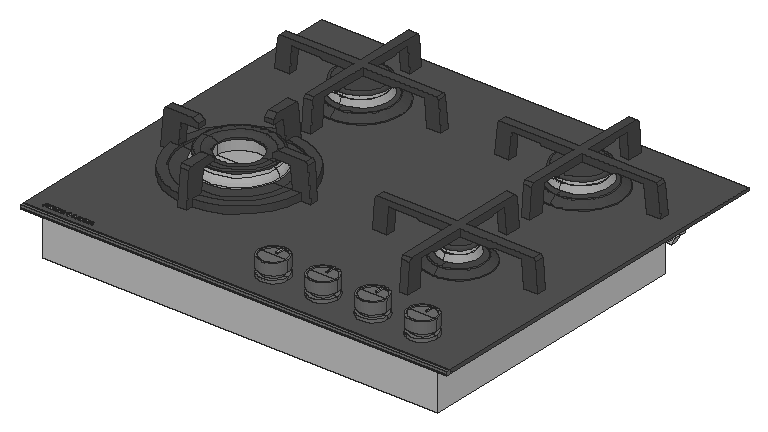
Revit family "FP_Revit_18_CG604DNGGB4_and_CG604DLPGB4_Cooktop_90000833A", category Specialty Equipment, Revit 2018
Family settings
  Round Connector Dimension = Use Diameter
  Part Type = Normal
  OmniClass Number = 23.40.40.14.17.11
  OmniClass Title = Cookers, Ovens, Stoves
  Work Plane-Based = No
  Always vertical = Yes
  Cut with Voids When Loaded = Yes
  Shared = No
  Room Calculation Point = No
Parameters (values of type "CG604DNGGB4")
  Visibility - Clearance Required = yes
  URL = "www.fisherpaykel.com"
  Product - Width = 600 mm  # constant formula
  Product - Height = 125 mm  # constant formula
  Product - Depth = 530 mm  # constant formula
  Model = "CG604DNGGB4"
  Material - Trim = Fisher & Paykel - Aluminium, Dark
  Material - Cooktop = Fisher & Paykel - Glass, Black
  Material - Burners & Trivets = Fisher & Paykel - Black, Matte
  Material - Body = Fisher & Paykel - Grey
  Manufacturer = "Fisher & Paykel Appliances"
  FFL Offset [instance] = 900 mm
  Description = "60cm Gas on Glass Cooktop"
  Connector Note - Gas = "NG 1 kPa (4\" WC), Connection is Rp 1/2\" (ISO7-1)"
  Connector Note - Electrical = "230 V, 10 A, fused electrical supply"
  Clearance - Side Combustible = 130 mm  # constant formula
  Clearance - Rear Non-Combustible = 45 mm  # constant formula
  Clearance - Rear Combustible = 160 mm  # constant formula
  Clearance - Overhead Rangehood = 650 mm  # constant formula
  Clearance - Overhead Non-Combustible = 500 mm  # constant formula
  Clearance - Overhead Combustible = 650 mm  # constant formula
  Clearance - Below Non-Combustible = 65 mm  # constant formula
  Clearance - Below Combustible = 70 mm  # constant formula
  Chassis - Width = 555 mm  # constant formula
  Chassis - Height = 59 mm  # constant formula
  Chassis - Depth = 486 mm  # constant formula
  Cavity - Width = 560 mm  # constant formula
  Cavity - Height = 59 mm  # constant formula
  Cavity - Depth = 490 mm  # constant formula
Types (3, lengths in mm): name | Model | Connector Note - Gas
  (no name) | "CG604DNGGB4" | "NG 1 kPa (4\" WC), Connection is Rp 1/2\" (ISO7-1)"
  CG604DNGGB4 | "CG604DNGGB4" | "NG 1 kPa (4\" WC), Connection is Rp 1/2\" (ISO7-1)"
  CG604DLPGB4 | "CG604DLPGB4" | "LPG 2.75 kPa (11\" WC), Connection is Rp 1/2\" (ISO7-1)"
Reference planes
  plane 1 "Datum": y = 0
  plane 2: z = 0
  plane 3 "Center (Left/Right)": x = 0
  plane 4 "Product LHS": x = -300
  plane 5 "Product RHS": x = 300
  plane 6 "Product - Depth": y = 530
  plane 7 "Cavity LHS": x = -280
  plane 8 "Cavity RHS": x = 280
  plane 9 "Cavity - Depth": y = 501.465
  plane 10 "Basepan": z = 841
  plane 11 "Benchtop": z = 900
  plane 12 "Glass": z = 905
Forms (mm)
  Extrusion 1, solid, material "Fisher & Paykel - Glass, Black" <- "Material - Cooktop"
    sketch origin (0, 0, 0) x (0, 1, 0) y (0, 0, 1)
      loop
        line (5.299, 905) -> (5.299, 901) -> (530, 901) -> (530, 905) -> (5.299, 905)
    from -300 to 300
  Extrusion 2, solid, material "Fisher & Paykel - Aluminium, Dark" <- "Material - Trim", detail levels fine
    sketch origin (0, 0, 0) x (0, 1, 0) y (0, 0, 1)
      loop
        line (5.299, 905) -> (0.45, 905) -> (0, 901.5) -> (0, 900) -> (8.39, 900) -> (8.39, 901) -> (5.299, 901) -> (5.299, 905)
    from -300 to 300
  Extrusion 3, solid, material "Fisher & Paykel - Grey" <- "Material - Body"
    sketch origin (0, 0, 0) x (1, 0, 0) y (0, 1, 0)
      loop
        line (175.305, 497.465) -> (175.305, 521) -> (-291, 521) -> (-291, 11.465) -> (291, 11.465) -> (291, 410.993) -> (276.681, 410.993) -> (175.305, 497.465)
    from 900 to 901
  Extrusion 4, solid, material "Fisher & Paykel - Grey" <- "Material - Body", detail levels fine
    sketch origin (0, 0, 0) x (1, 0, 0) y (0, 1, 0)
      loop
        line (277.5, 410.849) -> (175.305, 497.465) -> (-277.5, 497.465) -> (-277.5, 11.465) -> (277.5, 11.465) -> (277.5, 410.849)
    from 841 to 900
  Extrusion 5, solid, material "Fisher & Paykel - Clearance Required (Cutout)", visible <- "Visibility - Clearance Required", detail levels coarse
    sketch origin (0, 0, 0) x (1, 0, 0) y (0, 1, 0)
      loop
        line (-280, 11.465) -> (280, 11.465) -> (280, 501.465) -> (-280, 501.465) -> (-280, 11.465)
    from 835 to 900
  Extrusion 6, void
    sketch origin (0, 0, 0) x (0, 1, 0) y (0, 0, 1)
      loop
        line (497.465, 872.849) -> (404.424, 857.373) -> (407.148, 841) -> (497.465, 841) -> (497.465, 872.849)
    from -29 to 29
  Extrusion 7, solid, material "Fisher & Paykel - Grey" <- "Material - Body", detail levels fine
    sketch origin (0, 0, 900) x (0, 1, 0) y (0, 0, 1)
      loop
        line (480, -30.056) -> (425.258, -39.162) -> (428.13, -56.432) -> (463.493, -56.432) -> (483.825, -53.05) -> (480, -30.056)
    from -19.99 to 20.01
  Extrusion 8, solid, material "Fisher & Paykel - Grey" <- "Material - Body", detail levels fine
    sketch origin (0, 0, 900) x (1, 0, 0) y (0, 0, 1)
      loop
        circle (0, -41.49) r 4
    from -509.984 to -480
  Revolve 9, solid, material "Fisher & Paykel - Grey" <- "Material - Body", detail levels fine
    sketch origin (255.39, 0, 900) x (0, 1, 0) y (0, 0, 1)
      loop
        line (396.487, -23.673) -> (396.487, -31.4) -> (449.637, -31.4) -> (449.637, -25.4) -> (464.817, -25.4) -> (464.817, -22.673) -> (442.637, -22.673) -> (442.637, -23.673) -> (396.487, -23.673)
      axis (464.817, -31.4) -> (396.487, -31.4)
    angle from 0 to 360
  Extrusion 10, solid, material "Fisher & Paykel - Grey" <- "Material - Body", detail levels fine
    sketch origin (0, 0, 900) x (1, 0, 0) y (0, 0, 1)
      loop
        line (249.05, -20.401) -> (242.7, -31.4) -> (249.05, -42.399) -> (261.75, -42.399) -> (268.1, -31.4) -> (261.75, -20.401) -> (249.05, -20.401)
      loop
        circle (255.39, -31.4) r 7.727
    from -449.637 to -442.637
  Extrusion 11, solid, material "Fisher & Paykel - Aluminium, Dark" <- "Material - Trim", detail levels coarse+medium
    sketch origin (0, 0, 0) x (0, 1, 0) y (0, 0, 1)
      loop
        line (5.299, 905) -> (0, 905) -> (0, 900) -> (5.299, 900) -> (5.299, 905)
    from -300 to 300
  Extrusion 12, solid, material "Fisher & Paykel - Clearance Required (Combustible)", visible <- "Visibility - Clearance Required", detail levels coarse
    sketch origin (0, 0, 0) x (1, 0, 0) y (0, 1, 0)
      loop
        line (300, 0) -> (410, 0) -> (410, 661.465) -> (-410, 661.465) -> (-410, 0) -> (-300, 0) -> (-300, 546.465) -> (300, 546.465) -> (300, 0)
    from 905 to 1355
  Extrusion 13, solid, material "Fisher & Paykel - Clearance Required (Non-Combustible)", visible <- "Visibility - Clearance Required", detail levels coarse
    sketch origin (0, 0, 0) x (1, 0, 0) y (0, 1, 0)
      loop
        line (-300, 0) -> (300, 0) -> (300, 546.465) -> (-300, 546.465) -> (-300, 0)
    from 905 to 1405
  Extrusion 14, solid, material "Fisher & Paykel - Clearance Required (Rangehood)", visible <- "Visibility - Clearance Required", detail levels coarse
    sketch origin (0, 0, 0) x (1, 0, 0) y (0, 1, 0)
      loop
        line (-300, 546.465) -> (-300, 0) -> (300, 0) -> (300, 546.465) -> (-300, 546.465)
    from 1405 to 1555
  Extrusion 15, solid, material "Fisher & Paykel - Clearance Required (Combustible)", visible <- "Visibility - Clearance Required", detail levels coarse
    sketch origin (0, 0, 0) x (1, 0, 0) y (0, 1, 0)
      loop
        line (-280, 11.465) -> (280, 11.465) -> (280, 501.465) -> (-280, 501.465) -> (-280, 11.465)
    from 830 to 835
  Extrusion 16, void
    sketch origin (0, 0, 0) x (1, 0, 0) y (0, 1, 0)
      loop
        line (-280, 11.465) -> (280, 11.465) -> (280, 501.465) -> (-280, 501.465) -> (-280, 11.465)
    from 830 to 900
Cuts and joins
  joined: Extrusion 7, Extrusion 8
  Extrusion 6 cuts Extrusion 4
  joined: Extrusion 4, Revolve 9, Extrusion 10
Text (mm)
  text "Due to ongoing product development, product details are subject to change without notice. \nPlease always refer to www.fisherpaykel.com for the most current product information. \n© Fisher & Paykel 2020" at (41.04, -520.609, 0), in view "Ref. Level (Plan)"
Dimensions and locks
  equal spacing: plane 4 "Product LHS", plane 3 "Center (Left/Right)", plane 5 "Product RHS"
  "Product - Width": plane 4 "Product LHS" to plane 5 "Product RHS"
  equal spacing: plane 7 "Cavity LHS", plane 3 "Center (Left/Right)", plane 8 "Cavity RHS"
  "Cavity - Width": plane 7 "Cavity LHS" to plane 8 "Cavity RHS"
  locked: plane 1 "Datum" to Extrusion 3 at 11.465
  "Chassis - Depth": Extrusion 3 to Extrusion 4
  "Cavity - Depth": Extrusion 3 to plane 9 "Cavity - Depth"
  equal spacing: cut or joined group of Extrusion 4, Extrusion 6, Revolve 9, Extrusion 10, plane 3 "Center (Left/Right)", cut or joined group of Extrusion 4, Extrusion 6, Revolve 9, Extrusion 10
  "Chassis - Width": cut or joined group of Extrusion 4, Extrusion 6, Revolve 9, Extrusion 10 to cut or joined group of Extrusion 4, Extrusion 6, Revolve 9, Extrusion 10
  "Clearance - Rear Combustible": Extrusion 12 to Extrusion 5
  "Clearance - Side Combustible": Extrusion 5 to Extrusion 12
  locked: Extrusion 12 to plane 7 "Cavity LHS" at 130
  plane 12 "Glass" to plane 11 "Benchtop" = 5 mm
  "Chassis - Height": plane 11 "Benchtop" to plane 10 "Basepan"
  "FFL Offset": plane 11 "Benchtop" to level
  locked: plane 12 "Glass" to Extrusion 1 sketch curve at 4
  locked: nested 5 to plane 12 "Glass" at 0.8
  "Clearance - Overhead Non-Combustible": Extrusion 14 to plane 12 "Glass"
  "Clearance - Below Non-Combustible": plane 11 "Benchtop" to Extrusion 15
  "Clearance - Below Combustible": plane 11 "Benchtop" to Extrusion 15
  locked: Extrusion 10 sketch curve to plane 11 "Benchtop" at 31.4
  locked: plane 11 "Benchtop" to Revolve 9 sketch curve at 31.4
  "Clearance - Rear Non-Combustible": Extrusion 14 to plane 9 "Cavity - Depth"
  locked: Extrusion 12 to plane 12 "Glass" at 450
  "Clearance - Overhead Rangehood": Extrusion 14 to plane 12 "Glass"
  aligned and locked: level to plane 2
  aligned and locked: Extrusion 1 to plane 5 "Product RHS"
  aligned and locked: Extrusion 1 to plane 4 "Product LHS"
  aligned and locked: Extrusion 2 to plane 5 "Product RHS"
  aligned and locked: Extrusion 12 to Extrusion 1
  aligned and locked: Extrusion 14 to Extrusion 13
  aligned and locked: plane 12 "Glass" to Extrusion 1
  aligned and locked: Extrusion 12 to plane 12 "Glass"
  aligned and locked: Extrusion 13 to Extrusion 1
  aligned and locked: Extrusion 3 to Extrusion 1
  aligned and locked: Extrusion 3 to plane 11 "Benchtop"
  aligned and locked: Extrusion 4 to Extrusion 3
  aligned and locked: Extrusion 4 to plane 10 "Basepan"
  aligned and locked: plane 10 "Basepan" to Extrusion 6 sketch curve
  aligned and locked: Extrusion 6 sketch curve to cut or joined group of Extrusion 4, Extrusion 6, Revolve 9, Extrusion 10
  aligned and locked: plane 12 "Glass" to Extrusion 11 sketch curve
  aligned and locked: Extrusion 11 sketch curve to plane 11 "Benchtop"
  aligned and locked: Extrusion 2 sketch curve to Extrusion 1
  aligned and locked: Extrusion 2 sketch curve to plane 11 "Benchtop"
  aligned and locked: plane 12 "Glass" to Extrusion 2 sketch curve
  aligned and locked: Extrusion 5 to Extrusion 3
  aligned and locked: Extrusion 15 to Extrusion 5
  aligned and locked: Extrusion 16 to Extrusion 3
  aligned and locked: Extrusion 16 to Extrusion 15
Automatic sketch dimensions
  Extrusion 1 sketch curve to plane 1 "Datum" = 5.299 mm
  Extrusion 3 sketch curve to plane 4 "Product LHS" = 9 mm
  plane 9 "Cavity - Depth" to Extrusion 3 sketch curve = 4 mm
  plane 8 "Cavity RHS" to Extrusion 3 sketch curve = 104.695 mm
  plane 8 "Cavity RHS" to Extrusion 3 sketch curve = 3.319 mm
  plane 5 "Product RHS" to Extrusion 3 sketch curve = 9 mm
  plane 9 "Cavity - Depth" to Extrusion 3 sketch curve = 90.472 mm
  Extrusion 3 sketch curve to plane 1 "Datum" = 11.465 mm
  Extrusion 3 sketch curve to plane 6 "Product - Depth" = 9 mm
  Extrusion 4 sketch curve to plane 7 "Cavity LHS" = 2.5 mm
  plane 9 "Cavity - Depth" to Extrusion 4 sketch curve = 4 mm
  plane 8 "Cavity RHS" to Extrusion 4 sketch curve = 104.695 mm
  plane 8 "Cavity RHS" to Extrusion 4 sketch curve = 2.5 mm
  plane 9 "Cavity - Depth" to Extrusion 4 sketch curve = 90.616 mm
  Extrusion 4 sketch curve to plane 1 "Datum" = 11.465 mm
  plane 9 "Cavity - Depth" to Extrusion 5 sketch curve = 0 mm
  plane 7 "Cavity LHS" to Extrusion 5 sketch curve = 0 mm
  Extrusion 5 sketch curve to plane 8 "Cavity RHS" = 0 mm
  Extrusion 5 sketch curve to plane 1 "Datum" = 11.465 mm
  Revolve 9 sketch curve to Revolve 9 sketch curve = 46.15 mm
  Revolve 9 sketch curve to Revolve 9 sketch curve = 7 mm
  Revolve 9 sketch curve to Revolve 9 sketch curve = 15.18 mm
  Revolve 9 sketch curve to Revolve 9 sketch curve = 2.727 mm
  Revolve 9 sketch curve to Revolve 9 sketch curve = 6 mm
  Revolve 9 sketch curve to Revolve 9 sketch curve = 45 mm
  Revolve 9 sketch curve to Revolve 9 sketch curve = 0 mm  (x2)
  Extrusion 10 sketch curve to Extrusion 10 sketch curve = 6.35 mm  (x3)
  Extrusion 10 sketch curve to Extrusion 10 sketch curve = 12.69 mm
  Extrusion 10 sketch curve to Extrusion 10 sketch curve = 12.7 mm  (x2)
  Extrusion 10 sketch curve to Extrusion 10 sketch curve = 10.999 mm  (x3)
  Extrusion 10 sketch curve to Extrusion 10 sketch curve = 0 mm
  plane 1 "Datum" to Extrusion 12 sketch curve = 0 mm  (x2)
  Extrusion 12 sketch curve to plane 4 "Product LHS" = 0 mm
  Extrusion 12 sketch curve to plane 5 "Product RHS" = 0 mm
  plane 4 "Product LHS" to Extrusion 12 sketch curve = 110 mm
  Extrusion 12 sketch curve to plane 5 "Product RHS" = 110 mm
  plane 6 "Product - Depth" to Extrusion 12 sketch curve = 16.465 mm
  plane 6 "Product - Depth" to Extrusion 12 sketch curve = 131.465 mm
  Extrusion 13 sketch curve to plane 4 "Product LHS" = 0 mm
  Extrusion 13 sketch curve to plane 5 "Product RHS" = 0 mm
  plane 1 "Datum" to Extrusion 13 sketch curve = 0 mm
  plane 6 "Product - Depth" to Extrusion 13 sketch curve = 16.465 mm
  plane 1 "Datum" to Extrusion 14 sketch curve = 0 mm
  Extrusion 14 sketch curve to plane 4 "Product LHS" = 0 mm
  Extrusion 14 sketch curve to plane 5 "Product RHS" = 0 mm
  plane 6 "Product - Depth" to Extrusion 14 sketch curve = 16.465 mm
  plane 9 "Cavity - Depth" to Extrusion 15 sketch curve = 0 mm
  plane 7 "Cavity LHS" to Extrusion 15 sketch curve = 0 mm
  Extrusion 15 sketch curve to plane 8 "Cavity RHS" = 0 mm
  Extrusion 15 sketch curve to plane 1 "Datum" = 11.465 mm
  plane 9 "Cavity - Depth" to Extrusion 16 sketch curve = 0 mm
  plane 7 "Cavity LHS" to Extrusion 16 sketch curve = 0 mm
  Extrusion 16 sketch curve to plane 8 "Cavity RHS" = 0 mm
  Extrusion 16 sketch curve to plane 1 "Datum" = 11.465 mm
  Extrusion 1 sketch curve to plane 12 "Glass" = 0 mm
  Extrusion 1 sketch curve to plane 6 "Product - Depth" = 0 mm
  plane 10 "Basepan" to Extrusion 6 sketch curve = 16.373 mm
  plane 9 "Cavity - Depth" to Extrusion 6 sketch curve = 97.041 mm
  Extrusion 6 sketch curve to Extrusion 6 sketch curve = 2.723 mm
  Extrusion 11 sketch curve to plane 1 "Datum" = 0 mm
  Extrusion 11 sketch curve to plane 1 "Datum" = 5.299 mm
  Extrusion 2 sketch curve to plane 1 "Datum" = 0 mm
  Extrusion 2 sketch curve to plane 1 "Datum" = 0.45 mm
  Extrusion 2 sketch curve to Extrusion 2 sketch curve = 4.85 mm
  Extrusion 2 sketch curve to Extrusion 2 sketch curve = 3.09 mm
  Extrusion 2 sketch curve to Extrusion 2 sketch curve = 1.5 mm
  Extrusion 7 sketch curve to Extrusion 7 sketch curve = 2.873 mm
  Extrusion 7 sketch curve to Extrusion 7 sketch curve = 35.363 mm
  Extrusion 7 sketch curve to Extrusion 7 sketch curve = 16.507 mm
  Extrusion 7 sketch curve to Extrusion 7 sketch curve = 20.331 mm
  Revolve 9 sketch curve to Revolve 9 sketch curve = 1 mm
  plane 10 "Basepan" to Extrusion 7 sketch curve = 19.838 mm
  plane 9 "Cavity - Depth" to Extrusion 7 sketch curve = 76.208 mm
  plane 3 "Center (Left/Right)" to Extrusion 8 sketch curve = 0 mm
  plane 10 "Basepan" to Extrusion 8 sketch curve = 17.51 mm
  plane 9 "Cavity - Depth" to Revolve 9 sketch curve = 104.979 mm
  plane 8 "Cavity RHS" to Extrusion 10 sketch curve = 37.3 mm
  radius of Extrusion 8 sketch curve = 4 mm
  radius of Extrusion 10 sketch curve = 7.727 mm
Nested families
  nested 1: "F&P Dial CG" at (224.345, 51.956, 905), type "F&P Dial CG"
  nested 2: "F&P Burner+Trivet Semi Rapid" at (-154.501, 417.987, 900.2), type "F&P Burner+Trivet Semi Rapid"
  nested 3: "F&P Dial CG" at (154.345, 51.956, 905), type "F&P Dial CG"
  nested 4: "F&P Dial CG" at (84.345, 51.956, 905), type "F&P Dial CG"
  nested 5: "F&P Logo 70mm Horizontal" at (-244.501, 14.253, 905), type "F&P Logo 70mm Horizontal"
  nested 6: "F&P Burner+Trivet Mini Wok" at (-154.501, 202.987, 905) x (0, 1, 0) z (0, 0, 1), type "F&P Burner+Trivet Mini Wok"
  nested 7: "F&P Dial CG" at (14.345, 51.956, 905), type "F&P Dial CG"
  nested 8: "F&P Burner+Trivet Auxilliary" at (154.501, 202.987, 900.202), type "F&P Burner+Trivet Auxilliary"
  nested 9: "F&P Burner+Trivet Semi Rapid" at (154.501, 417.987, 900.2) x (-1, 0, 0) z (0, 0, 1), type "F&P Burner+Trivet Semi Rapid"
  nested 10: "F&P Dial CG" at (224.345, 51.956, 905), type "F&P Dial CG", not visible
  nested 11: "F&P Burner+Trivet Semi Rapid" at (-154.501, 417.987, 900.2), type "F&P Burner+Trivet Semi Rapid", not visible
  nested 12: "F&P Dial CG" at (154.345, 51.956, 905), type "F&P Dial CG", not visible
  nested 13: "F&P Dial CG" at (84.345, 51.956, 905), type "F&P Dial CG", not visible
  nested 14: "F&P Logo 70mm Horizontal" at (-244.501, 14.253, 905), type "F&P Logo 70mm Horizontal", not visible
  nested 15: "F&P Burner+Trivet Mini Wok" at (-154.501, 202.987, 905) x (0, 1, 0) z (0, 0, 1), type "F&P Burner+Trivet Mini Wok", not visible
  nested 16: "F&P Dial CG" at (14.345, 51.956, 905), type "F&P Dial CG", not visible
  nested 17: "F&P Burner+Trivet Auxilliary" at (154.501, 202.987, 900.202), type "F&P Burner+Trivet Auxilliary", not visible
  nested 18: "F&P Burner+Trivet Semi Rapid" at (154.501, 417.987, 900.2) x (-1, 0, 0) z (0, 0, 1), type "F&P Burner+Trivet Semi Rapid", not visible
Connectors
  electrical at (0, 509.984, 858.51), driven by "Connector Note - Electrical"
    settings: on cut or joined group of Extrusion 7, Extrusion 8, index 1, voltage 230 V, apparent load 0 VA, apparent load phase1 0 VA, apparent load phase2 0 VA, apparent load phase3 0 VA, power factor 1, load classification "Other", number of poles 1, system type 30, power factor state 1, is connector primary yes, connector utility no, sub classification motor no, connector description "230 V, 10 A, fused electrical supply"
  piping at (255.39, 464.817, 868.6), diameter 19, driven by "Connector Note - Gas"
    settings: on cut or joined group of Extrusion 4, Extrusion 6, Revolve 9, Extrusion 10, index 2, connector inside diameter 609.6 mm, connector length 0 mm, flow factor 0, pipe flow 0.0 L/s, pressure drop 0.0 Pa, fitting loss kfactor 0, connector angle 0.00°, fixture units 0, engagement length 0 mm, angle of deflection 0.00°, flow configuration 0, flow direction 1, fitting loss method 0, system type 22, joint type 0, gender type 0, connector reference index -1, connector utility 0, adjustable connector no, is connector primary yes, connector description "NG 1 kPa (4\" WC), Connection is Rp 1/2\" (ISO7-1)"
Definition of nested family "F&P Dial CG"
  Parameters (values of type "F&P Dial CG")
    URL = "www.fisherpaykel.com"
    Material - Trim = none
    Material - Buttons and Dials = none
    Material - Body = none
    Manufacturer = "Fisher & Paykel Appliances"
  Reference planes
    plane 1 "Center (Front/Back)": y = 0
    plane 2: z = 0
    plane 3 "Center (Left/Right)": x = 0
  Forms (mm)
    Revolve 1, solid, material <- "Material - Body", detail levels fine
      sketch origin (0, 0, 0) x (1, 0, 0) y (0, 0, 1)
        loop
          line (0, 0) -> (0, 24.05) -> (-17.75, 24.05) -> (-17.75, 24.95) -> (-20, 24.95) -> (-20, 9.5) -> (-14.513, 9.5) -> (-14.513, 3.5) -> (-20.008, 3.5) -> (-20.5, 0) -> (0, 0)
        axis (0, 24.95) -> (0, 0)
      angle from 0 to 360
    Extrusion 2, void
      sketch origin (0, 0, 0) x (1, 0, 0) y (0, 1, 0)
        loop
          line (-1.05, 17.22) -> (1.05, 17.22) -> (1.05, 20.22) -> (-1.05, 20.22) -> (-1.05, 17.22)
      from 24.05 to 24.95
    Extrusion 3, solid, material <- "Material - Trim", detail levels fine
      sketch origin (0, 0, 0) x (1, 0, 0) y (0, 1, 0)
        loop
          line (-1.05, 6.22) -> (1.05, 6.22) -> (1.05, 20.02) -> (-1.05, 20.02) -> (-1.05, 6.22)
      from 24.05 to 24.95
    Extrusion 4, solid, material <- "Material - Body", detail levels coarse+medium
      sketch origin (0, 0, 0) x (1, 0, 0) y (0, 1, 0)
        loop
          circle (0, 0) r 20.5
      from 9.5 to 24.95
    Extrusion 5, solid, material <- "Material - Body", detail levels coarse+medium
      sketch origin (0, 0, 0) x (1, 0, 0) y (0, 1, 0)
        loop
          circle (0, 0) r 14.513
      from 0 to 9.5
  Cuts and joins
    Extrusion 2 cuts Revolve 1
  Dimensions and locks
    aligned and locked: level to plane 2
Definition of nested family "F&P Burner+Trivet Semi Rapid"
  Parameters (values of type "F&P Burner+Trivet Semi Rapid")
    URL = "www.fisherpaykel.com"
    Material - Burners & Trivets = none
    Material - Body = none
    Manufacturer = "Fisher & Paykel Appliances"
  Reference planes
    plane 1 "Center (Front/Back)": y = 0
    plane 2: z = 0
    plane 3 "Center (Left/Right)": x = 0
  Forms (mm)
    Revolve 1, solid, material <- "Material - Burners & Trivets", detail levels fine
      sketch origin (0, 0, 0) x (0, 1, 0) y (0, 0, 1)
        loop
          line (0, 13.12) -> (-44.088, 13.12)
          arc (-44.088, 13.12) -> (-44.668, 13.034) -> (-45.198, 12.783) r 2
          line (-45.198, 12.783) -> (-55.961, 5.6) -> (-55.961, 4.8) -> (0, 4.8) -> (0, 13.12)
        loop
          line (0, 31.3) -> (0, 34.8) -> (-34.1, 34.8)
          arc (-34.1, 34.8) -> (-36.575, 33.775) -> (-37.6, 31.3) r 3.5
          line (-37.6, 31.3) -> (0, 31.3)
        axis (0, 34.8) -> (0, 4.8)
      angle from 0 to 360
    Revolve 2, solid, material <- "Material - Body", detail levels fine
      sketch origin (0, 0, 0) x (0, 1, 0) y (0, 0, 1)
        loop
          line (0, 31.3) -> (-31, 31.3) -> (-33.046, 24.3) -> (-35, 24.3) -> (-38, 15.9) -> (0, 15.9) -> (0, 31.3)
        axis (0, 31.3) -> (0, 15.9)
      angle from 0 to 360
    Extrusion 3, solid, material <- "Material - Burners & Trivets", detail levels fine
      sketch origin (0, 0, 0) x (0, 1, 0) y (0, 0, 1)
        loop
          line (-6, 50.3) -> (-90.97, 50.3) -> (-93.532, 45.94) -> (-97, 6.3) -> (-77, 6.3) -> (-73.807, 42.8) -> (-53.996, 42.8) -> (-50.373, 40.07) -> (-6, 40.07) -> (-6, 50.3)
        loop
          line (6, 50.3) -> (6, 40.07) -> (50.373, 40.07) -> (53.996, 42.8) -> (73.807, 42.8) -> (77, 6.3) -> (97, 6.3) -> (93.532, 45.94) -> (90.97, 50.3) -> (6, 50.3)
      from -6 to 6
    Extrusion 4, solid, material <- "Material - Burners & Trivets", detail levels fine
      sketch origin (0, 0, 0) x (1, 0, 0) y (0, 0, 1)
        loop
          line (-96.5, 6.3) -> (-93.307, 42.8) -> (-53.997, 42.8) -> (-50.016, 39.8) -> (50.016, 39.8) -> (53.997, 42.8) -> (93.307, 42.8) -> (96.5, 6.3) -> (116.5, 6.3) -> (113.014, 46.148) -> (110.616, 50.3) -> (-110.616, 50.3) -> (-113.014, 46.148) -> (-116.5, 6.3) -> (-96.5, 6.3)
      from -6 to 6
    Extrusion 5, solid, detail levels coarse+medium
      sketch origin (0, 0, 0) x (1, 0, 0) y (0, 1, 0)
        loop
          line (-6, 97) -> (-6, 6) -> (-116.5, 6) -> (-116.5, -6) -> (-6, -6) -> (-6, -97) -> (6, -97) -> (6, -6) -> (116.5, -6) -> (116.5, 6) -> (6, 6) -> (6, 97) -> (-6, 97)
      from 4.8 to 50.3
    Extrusion 6, solid, detail levels coarse+medium
      sketch origin (0, 0, 0) x (1, 0, 0) y (0, 1, 0)
        loop
          arc (-6, 55.638) -> (-39.57, 39.57) -> (-55.638, 6) r 55.961
          line (-55.638, 6) -> (-6, 6) -> (-6, 55.638)
        loop
          line (6, 55.638) -> (6, 6) -> (55.638, 6)
          arc (55.638, 6) -> (39.57, 39.57) -> (6, 55.638) r 55.961
        loop
          line (-6, -55.638) -> (-6, -6) -> (-55.638, -6)
          arc (-55.638, -6) -> (-39.57, -39.57) -> (-6, -55.638) r 55.961
        loop
          arc (6, -55.638) -> (39.57, -39.57) -> (55.638, -6) r 55.961
          line (55.638, -6) -> (6, -6) -> (6, -55.638)
      from 4.8 to 35
  Cuts and joins
    joined: Extrusion 3, Extrusion 4
  Dimensions and locks
    aligned and locked: level to plane 2
Definition of nested family "F&P Logo 70mm Horizontal"
  Parameters (values of type "F&P Logo 70mm Horizontal")
    URL = "www.fisherpaykel.com"
    Material - Logo = none
    Manufacturer = "Fisher & Paykel Appliances"
  Reference planes
    plane 1 "Center (Front/Back)": y = 0
    plane 2: z = 0
    plane 3 "Center (Left/Right)": x = 0
  Forms (mm)
    Extrusion 1, solid, material <- "Material - Logo", detail levels fine
      sketch origin (0, 0, 0) x (1, 0, 0) y (0, 1, 0)
        loop
          line (-34.997, 0) -> (-33.895, 0) -> (-33.895, 1.496) -> (-32.174, 1.496) -> (-32.174, 2.431) -> (-33.895, 2.431) -> (-33.895, 3.298) -> (-32.023, 3.298) -> (-32.023, 4.228) -> (-34.997, 4.228) -> (-34.997, 0)
        loop
          line (-29.929, 4.228) -> (-29.929, 0) -> (-28.828, 0) -> (-28.828, 4.228) -> (-29.929, 4.228)
        loop
          line (-21.473, 4.228) -> (-21.473, 0) -> (-20.372, 0) -> (-20.372, 1.694) -> (-18.754, 1.694) -> (-18.754, 0) -> (-17.652, 0) -> (-17.652, 4.228) -> (-18.754, 4.228) -> (-18.754, 2.624) -> (-20.372, 2.624) -> (-20.372, 4.228) -> (-21.473, 4.228)
        loop
          line (-15.301, 4.228) -> (-15.301, 0) -> (-12.288, 0) -> (-12.288, 0.8) -> (-14.209, 0.8) -> (-14.209, 1.694) -> (-12.453, 1.694) -> (-12.453, 2.624) -> (-14.209, 2.624) -> (-14.209, 3.428) -> (-12.288, 3.428) -> (-12.288, 4.228) -> (-15.301, 4.228)
        loop
          line (32, 4.228) -> (32, 0) -> (35.003, 0) -> (35.003, 0.93) -> (33.102, 0.93) -> (33.102, 4.228) -> (32, 4.228)
        loop
          line (29.735, 4.228) -> (26.712, 4.228) -> (26.712, 0) -> (29.735, 0) -> (29.735, 0.8) -> (27.814, 0.8) -> (27.814, 1.694) -> (29.57, 1.694) -> (29.57, 2.624) -> (27.814, 2.624) -> (27.814, 3.428) -> (29.735, 3.428) -> (29.735, 4.228)
        loop
          line (23.449, 2.203) -> (25.012, 4.228) -> (23.724, 4.228) -> (22.374, 2.479) -> (22.374, 4.228) -> (21.273, 4.228) -> (21.273, 0) -> (22.374, 0) -> (22.374, 1.894) -> (23.765, 0) -> (25.067, 0) -> (23.449, 2.203)
        loop
          line (15.42, 4.228) -> (17.017, 1.694) -> (17.017, 0) -> (18.119, 0) -> (18.119, 1.639) -> (19.717, 4.228) -> (18.546, 4.228) -> (17.603, 2.595) -> (16.66, 4.228) -> (15.42, 4.228)
        loop
          line (12.969, 4.228) -> (11.922, 4.228) -> (10.2, 0) -> (11.282, 0) -> (11.585, 0.778) -> (13.278, 0.778) -> (13.581, 0) -> (14.69, 0) -> (12.969, 4.228)
        loop
          line (12.913, 1.708) -> (12.419, 2.922) -> (11.946, 1.708) -> (12.913, 1.708)
        loop
          line (5.656, 4.228) -> (5.656, 0) -> (6.757, 0) -> (6.757, 1.357) -> (7.557, 1.357)
          arc (7.557, 1.357) -> (8.993, 2.792) -> (7.557, 4.228) r 1.436
          line (7.557, 4.228) -> (5.656, 4.228)
        loop
          line (6.757, 2.238) -> (7.557, 2.238)
          arc (7.557, 2.238) -> (8.088, 2.768) -> (7.557, 3.298) r 0.53
          line (7.557, 3.298) -> (6.757, 3.298) -> (6.757, 2.238)
        loop
          line (-8.214, 4.228) -> (-10.023, 4.228) -> (-10.023, 0) -> (-9.058, 0) -> (-9.058, 0.8) -> (-8.258, 0.8) -> (-7.647, 0) -> (-6.373, 0) -> (-7.452, 1.381)
          arc (-7.452, 1.381) -> (-6.741, 3.097) -> (-8.214, 4.228) r 1.525
        loop
          line (-8.921, 3.298) -> (-8.921, 2.137) -> (-8.121, 2.137)
          arc (-8.121, 2.137) -> (-7.54, 2.718) -> (-8.121, 3.298) r 0.581
          line (-8.121, 3.298) -> (-8.921, 3.298)
        loop
          line (0.368, 3.298) -> (0.368, 4.307) -> (-2.553, 4.307) -> (-2.553, 3.499) -> (-2.048, 2.878)
          arc (-2.048, 2.878) -> (-2.424, 0.478) -> (0.002, 0.358) r 1.633
          line (0.002, 0.358) -> (0.495, -0.272) -> (1.765, -0.272) -> (0.636, 1.116) -> (1.613, 2.524) -> (0.481, 2.524) -> (0.025, 1.867) -> (-1.14, 3.298) -> (0.368, 3.298)
        loop
          arc (-1.454, 2.148) -> (-1.555, 1.167) -> (-0.574, 1.067) r 0.697
          line (-0.574, 1.067) -> (-1.454, 2.148)
        loop
          line (-24.593, 2.544) -> (-25.527, 2.737)
          arc (-25.527, 2.737) -> (-25.9, 3.11) -> (-25.527, 3.483) r 0.373
          arc (-25.527, 3.483) -> (-24.631, 3.353) -> (-23.808, 2.973) r 3.153
          line (-23.808, 2.973) -> (-23.808, 4.02)
          arc (-23.808, 4.02) -> (-24.851, 4.326) -> (-25.937, 4.276) r 3.308
          arc (-25.937, 4.276) -> (-26.941, 3.034) -> (-25.937, 1.792) r 1.27
          line (-25.937, 1.792) -> (-24.994, 1.597)
          arc (-24.994, 1.597) -> (-24.621, 1.224) -> (-24.994, 0.851) r 0.373
          arc (-24.994, 0.851) -> (-25.891, 0.981) -> (-26.714, 1.361) r 3.153
          line (-26.714, 1.361) -> (-26.714, 0.314)
          arc (-26.714, 0.314) -> (-25.671, 0.009) -> (-24.585, 0.058) r 3.308
          arc (-24.585, 0.058) -> (-23.58, 1.304) -> (-24.593, 2.544) r 1.27
      from 0 to 0.8
  Dimensions and locks
    Extrusion 1 sketch curve to Extrusion 1 sketch curve = 70 mm
    aligned and locked: level to plane 2
Definition of nested family "F&P Burner+Trivet Mini Wok"
  Parameters (values of type "F&P Burner+Trivet Mini Wok")
    URL = "www.fisherpaykel.com"
    Material - Logo = none
    Material - Burners & Trivets = none
    Material - Body = none
    Manufacturer = "Fisher & Paykel Appliances"
  Reference planes
    plane 1 "Center (Front/Back)": y = 0
    plane 2: z = 0
    plane 3 "Center (Left/Right)": x = 0
  Forms (mm)
    Revolve 1, solid, material <- "Material - Body", detail levels fine
      sketch origin (0, 0, 0) x (0, 1, 0) y (0, 0, 1)
        loop
          line (-57.64, 15.977) -> (-57.64, 14.096) -> (-55.842, 13.1) -> (-43, 13.1) -> (-43, 11.5) -> (0, 11.5) -> (0, 13.1) -> (-32, 13.1) -> (-32, 28.1) -> (-49.036, 30.613) -> (-51.343, 24.974)
          arc (-51.343, 24.974) -> (-55.116, 20.912) -> (-57.64, 15.977) r 20.174
        axis (0, 11.5) -> (0, 30.613)
      angle from 0 to 360
    Revolve 2, solid, detail levels fine
      sketch origin (0, 0, 0) x (0, 1, 0) y (0, 0, 1)
        loop
          line (-79.075, 11.5) -> (-91.455, 11.5) -> (-91.455, 1.5) -> (-86.5, 1.5) -> (-86.5, 0) -> (0, 0) -> (0, 8.7) -> (-32, 8.7) -> (-32, 11.5) -> (-43, 11.5) -> (-43, 6.4) -> (-62.25, 6.4) -> (-79.075, 8.4) -> (-79.075, 11.5)
        loop
          arc (-30.25, 29.797) -> (-36.033, 32.81) -> (-42.471, 33.85) r 20.451
          line (-42.471, 33.85) -> (-50.502, 33.85)
          arc (-50.502, 33.85) -> (-51.725, 33.471) -> (-52.61, 32.546) r 2.556
          line (-52.61, 32.546) -> (-52.61, 30.613) -> (-49.036, 30.613) -> (-32, 28.1) -> (-30.25, 28.1) -> (-30.25, 29.797)
        axis (0, 0) -> (0, 33.85)
      angle from 0 to 360
    Extrusion 3, solid, detail levels fine
      sketch origin (0, 0, 0) x (0, 1, 0) y (0, 0, 1)
        loop
          line (-100.876, 48.644) -> (-105, 1.5) -> (-88.455, 1.5) -> (-88.455, 11.5) -> (-80.226, 11.5) -> (-77.815, 39.054)
          arc (-77.815, 39.054) -> (-76.78, 41.152) -> (-74.6, 42) r 3.228
          line (-74.6, 42) -> (-52.5, 42) -> (-52.5, 48.149) -> (-60.002, 53.402) -> (-98.128, 53.402) -> (-100.876, 48.644)
        loop
          line (100.876, 48.644) -> (98.128, 53.402) -> (60.002, 53.402) -> (52.5, 48.149) -> (52.5, 42) -> (74.6, 42)
          arc (74.6, 42) -> (76.78, 41.152) -> (77.815, 39.054) r 3.228
          line (77.815, 39.054) -> (80.226, 11.5) -> (88.455, 11.5) -> (88.455, 1.5) -> (105, 1.5) -> (100.876, 48.644)
      from -6 to 6
    Extrusion 4, solid, detail levels fine
      sketch origin (0, 0, 0) x (1, 0, 0) y (0, 0, 1)
        loop
          line (-95.875, 48.644) -> (-100, 1.5) -> (-89.455, 1.5) -> (-89.455, 11.5) -> (-74.125, 11.5) -> (-71.714, 39.054)
          arc (-71.714, 39.054) -> (-70.68, 41.152) -> (-68.499, 42) r 3.228
          line (-68.499, 42) -> (-52.5, 42) -> (-52.5, 48.149) -> (-60.002, 53.402) -> (-93.128, 53.402) -> (-95.875, 48.644)
        loop
          line (95.875, 48.644) -> (93.128, 53.402) -> (60.002, 53.402) -> (52.5, 48.149) -> (52.5, 42) -> (68.499, 42)
          arc (68.499, 42) -> (70.68, 41.152) -> (71.714, 39.054) r 3.228
          line (71.714, 39.054) -> (74.125, 11.5) -> (89.455, 11.5) -> (89.455, 1.5) -> (100, 1.5) -> (95.875, 48.644)
      from -6 to 6
    Extrusion 5, solid, material <- "Material - Burners & Trivets", detail levels coarse+medium
      sketch origin (0, 0, 0) x (0, 1, 0) y (0, 0, 1)
        loop
          line (-105, 1.5) -> (-77.815, 1.5) -> (-77.815, 42) -> (-52.5, 42) -> (-52.5, 53.402) -> (-100.459, 53.402) -> (-105, 1.5)
        loop
          line (105, 1.5) -> (100.459, 53.402) -> (52.5, 53.402) -> (52.5, 42) -> (77.815, 42) -> (77.815, 1.5) -> (105, 1.5)
      from -6 to 6
    Extrusion 6, solid, material <- "Material - Burners & Trivets", detail levels coarse+medium
      sketch origin (0, 0, 0) x (1, 0, 0) y (0, 0, 1)
        loop
          line (-100, 1.5) -> (-71.714, 1.5) -> (-71.714, 42) -> (-52.5, 42) -> (-52.5, 53.402) -> (-95.459, 53.402) -> (-100, 1.5)
        loop
          line (100, 1.5) -> (95.459, 53.402) -> (52.5, 53.402) -> (52.5, 42) -> (71.714, 42) -> (71.714, 1.5) -> (100, 1.5)
      from -6 to 6
    Revolve 7, solid, material <- "Material - Burners & Trivets", detail levels coarse+medium
      sketch origin (0, 0, 0) x (0, 1, 0) y (0, 0, 1)
        loop
          line (-91.258, 11.5) -> (-91.258, 1.5) -> (0, 1.5) -> (0, 8.7) -> (-30.25, 8.7) -> (-30.25, 33.85) -> (-57.64, 33.85) -> (-57.64, 11.5) -> (-91.258, 11.5)
        axis (0, 1.5) -> (0, 33.85)
      angle from 0 to 360
  Cuts and joins
    joined: Revolve 2, Extrusion 3, Extrusion 4
    joined: Extrusion 5, Extrusion 6, Revolve 7
  Dimensions and locks
    aligned and locked: level to plane 2
  Automatic sketch dimensions
    Revolve 1 sketch curve to plane 1 "Center (Front/Back)" = 0 mm  (x2)
    Revolve 1 sketch curve to level = 0 mm
    level to Revolve 1 sketch curve = 13.1 mm
    plane 1 "Center (Front/Back)" to Revolve 1 sketch curve = 32 mm
    Revolve 1 sketch curve to Revolve 1 sketch curve = 6.587 mm
    Revolve 1 sketch curve to Revolve 1 sketch curve = 4.413 mm
    Revolve 1 sketch curve to Revolve 1 sketch curve = 17.036 mm
    level to Revolve 1 sketch curve = 24.974 mm
    Revolve 1 sketch curve to Revolve 1 sketch curve = 2.308 mm
    Revolve 1 sketch curve to Revolve 1 sketch curve = 4.499 mm
    Revolve 1 sketch curve to Revolve 1 sketch curve = 1.798 mm
    Revolve 1 sketch curve to Revolve 1 sketch curve = 3.756 mm
    Revolve 1 sketch curve to Revolve 1 sketch curve = 2.156 mm
    Revolve 1 sketch curve to Revolve 1 sketch curve = 2.877 mm
    Revolve 1 sketch curve to Revolve 1 sketch curve = 1.88 mm
    Revolve 1 sketch curve to Revolve 1 sketch curve = 15 mm
    Revolve 1 sketch curve to Revolve 1 sketch curve = 5.639 mm
    Revolve 1 sketch curve to Revolve 1 sketch curve = 39.336 mm
    Revolve 2 sketch curve to level = 0 mm  (x2)
    Revolve 2 sketch curve to plane 1 "Center (Front/Back)" = 0 mm  (x2)
    plane 1 "Center (Front/Back)" to Revolve 2 sketch curve = 30.25 mm
    level to Revolve 2 sketch curve = 8.7 mm
    Revolve 2 sketch curve to Revolve 2 sketch curve = 1.75 mm  (x2)
    Revolve 2 sketch curve to Revolve 2 sketch curve = 10.471 mm
    Revolve 2 sketch curve to Revolve 2 sketch curve = 0.529 mm
    Revolve 2 sketch curve to Revolve 2 sketch curve = 6.565 mm
    Revolve 2 sketch curve to Revolve 2 sketch curve = 1.344 mm
    Revolve 2 sketch curve to Revolve 2 sketch curve = 0.123 mm
    Revolve 2 sketch curve to Revolve 2 sketch curve = 2.23 mm
    level to Revolve 2 sketch curve = 6.4 mm
    Revolve 2 sketch curve to Revolve 2 sketch curve = 19.25 mm
    level to Revolve 2 sketch curve = 8.4 mm
    Revolve 2 sketch curve to Revolve 2 sketch curve = 16.825 mm
    Revolve 2 sketch curve to Revolve 2 sketch curve = 7.425 mm
    level to Revolve 2 sketch curve = 1.5 mm
    Revolve 2 sketch curve to Revolve 2 sketch curve = 4.955 mm
    Revolve 2 sketch curve to Revolve 2 sketch curve = 3.1 mm
    Revolve 2 sketch curve to Revolve 2 sketch curve = 2.8 mm
    Revolve 2 sketch curve to Revolve 2 sketch curve = 1.899 mm
    Revolve 2 sketch curve to Revolve 2 sketch curve = 16.6 mm
    Revolve 2 sketch curve to Revolve 2 sketch curve = 1.697 mm
    Revolve 2 sketch curve to Revolve 2 sketch curve = 3.237 mm
    Revolve 2 sketch curve to Revolve 2 sketch curve = 0.684 mm
    Revolve 2 sketch curve to Revolve 2 sketch curve = 23.605 mm
    level to Extrusion 4 sketch curve = 1.5 mm  (x2)
    Extrusion 4 sketch curve to plane 3 "Center (Left/Right)" = 100 mm
    Extrusion 4 sketch curve to Extrusion 4 sketch curve = 4.125 mm
    Extrusion 4 sketch curve to Extrusion 4 sketch curve = 2.747 mm  (x2)
    Extrusion 4 sketch curve to Extrusion 4 sketch curve = 10.545 mm  (x2)
    Extrusion 4 sketch curve to Extrusion 4 sketch curve = 15.33 mm  (x2)
    Extrusion 4 sketch curve to Extrusion 4 sketch curve = 21.414 mm  (x2)
    Extrusion 4 sketch curve to Extrusion 4 sketch curve = 3.215 mm  (x2)
    Extrusion 4 sketch curve to Extrusion 4 sketch curve = 8.497 mm
    Extrusion 4 sketch curve to Extrusion 4 sketch curve = 7.502 mm  (x2)
    plane 3 "Center (Left/Right)" to Extrusion 4 sketch curve = 52.5 mm
    Extrusion 4 sketch curve to Extrusion 4 sketch curve = 15.999 mm
    level to Extrusion 4 sketch curve = 39.054 mm
    level to Extrusion 4 sketch curve = 11.5 mm
    Extrusion 4 sketch curve to Extrusion 4 sketch curve = 2.411 mm
    Extrusion 4 sketch curve to Extrusion 4 sketch curve = 10 mm
    Extrusion 4 sketch curve to Extrusion 4 sketch curve = 0.281 mm  (x2)
    Extrusion 4 sketch curve to Extrusion 4 sketch curve = 27.272 mm
    Extrusion 4 sketch curve to Extrusion 4 sketch curve = 6.149 mm  (x2)
    Extrusion 4 sketch curve to Extrusion 4 sketch curve = 9.59 mm  (x2)
    Extrusion 4 sketch curve to Extrusion 4 sketch curve = 4.758 mm
    Extrusion 4 sketch curve to Extrusion 4 sketch curve = 5.253 mm
    level to Extrusion 3 sketch curve = 1.5 mm  (x2)
    plane 1 "Center (Front/Back)" to Extrusion 3 sketch curve = 105 mm
    level to Extrusion 3 sketch curve = 48.644 mm  (x2)
    Extrusion 3 sketch curve to Extrusion 3 sketch curve = 4.125 mm
    Extrusion 3 sketch curve to Extrusion 3 sketch curve = 2.747 mm  (x2)
    Extrusion 3 sketch curve to Extrusion 3 sketch curve = 16.545 mm  (x2)
    Extrusion 3 sketch curve to Extrusion 3 sketch curve = 8.229 mm  (x2)
    Extrusion 3 sketch curve to Extrusion 3 sketch curve = 20.313 mm  (x2)
    Extrusion 3 sketch curve to Extrusion 3 sketch curve = 3.215 mm  (x2)
    Extrusion 3 sketch curve to Extrusion 3 sketch curve = 14.597 mm  (x2)
    Extrusion 3 sketch curve to Extrusion 3 sketch curve = 7.502 mm  (x2)
    Extrusion 3 sketch curve to plane 1 "Center (Front/Back)" = 52.5 mm
    Extrusion 3 sketch curve to Extrusion 3 sketch curve = 0 mm
    level to Extrusion 3 sketch curve = 11.5 mm
    Extrusion 3 sketch curve to Extrusion 3 sketch curve = 2.411 mm
    Extrusion 3 sketch curve to Extrusion 3 sketch curve = 10 mm
    Extrusion 3 sketch curve to Extrusion 3 sketch curve = 27.272 mm  (x2)
    Extrusion 3 sketch curve to Extrusion 3 sketch curve = 6.149 mm  (x2)
    Extrusion 3 sketch curve to Extrusion 3 sketch curve = 5.253 mm  (x2)
    level to Extrusion 5 sketch curve = 1.5 mm  (x2)
    plane 1 "Center (Front/Back)" to Extrusion 5 sketch curve = 105 mm
    Extrusion 5 sketch curve to Extrusion 5 sketch curve = 4.541 mm
    Extrusion 5 sketch curve to Extrusion 5 sketch curve = 27.185 mm  (x2)
    Extrusion 5 sketch curve to Extrusion 5 sketch curve = 25.315 mm  (x2)
    Extrusion 5 sketch curve to plane 1 "Center (Front/Back)" = 52.5 mm
    Extrusion 5 sketch curve to Extrusion 5 sketch curve = 22.644 mm
    Extrusion 5 sketch curve to Extrusion 5 sketch curve = 40.5 mm
    level to Extrusion 5 sketch curve = 42 mm
    Extrusion 5 sketch curve to Extrusion 5 sketch curve = 11.402 mm  (x2)
    level to Extrusion 6 sketch curve = 1.5 mm  (x2)
    Extrusion 6 sketch curve to plane 3 "Center (Left/Right)" = 100 mm
    Extrusion 6 sketch curve to Extrusion 6 sketch curve = 4.541 mm
    Extrusion 6 sketch curve to Extrusion 6 sketch curve = 28.286 mm  (x2)
    Extrusion 6 sketch curve to Extrusion 6 sketch curve = 19.214 mm  (x2)
    plane 3 "Center (Left/Right)" to Extrusion 6 sketch curve = 52.5 mm
    Extrusion 6 sketch curve to Extrusion 6 sketch curve = 23.745 mm
    Extrusion 6 sketch curve to Extrusion 6 sketch curve = 40.5 mm  (x2)
    Extrusion 6 sketch curve to Extrusion 6 sketch curve = 11.402 mm  (x2)
    Revolve 7 sketch curve to plane 1 "Center (Front/Back)" = 0 mm  (x2)
    Revolve 7 sketch curve to level = 0 mm
    plane 1 "Center (Front/Back)" to Revolve 7 sketch curve = 30.25 mm
    level to Revolve 7 sketch curve = 11.5 mm
    Revolve 7 sketch curve to Revolve 7 sketch curve = 27.39 mm
    Revolve 7 sketch curve to Revolve 7 sketch curve = 33.618 mm
    level to Revolve 7 sketch curve = 1.5 mm
    level to Revolve 7 sketch curve = 8.7 mm
    Revolve 7 sketch curve to Revolve 7 sketch curve = 22.35 mm
    Revolve 7 sketch curve to Revolve 7 sketch curve = 26.15 mm
Definition of nested family "F&P Burner+Trivet Auxilliary"
  Parameters (values of type "F&P Burner+Trivet Auxilliary")
    URL = "www.fisherpaykel.com"
    Material - Burners & Trivets = none
    Material - Body = none
    Manufacturer = "Fisher & Paykel Appliances"
  Reference planes
    plane 1 "Center (Front/Back)": y = 0
    plane 2: z = 0
    plane 3 "Center (Left/Right)": x = 0
  Forms (mm)
    Revolve 1, solid, material <- "Material - Burners & Trivets", detail levels fine
      sketch origin (0, 0, 0) x (0, 1, 0) y (0, 0, 1)
        loop
          line (0, 13.12) -> (-33.818, 13.12)
          arc (-33.818, 13.12) -> (-34.46, 13.014) -> (-35.034, 12.708) r 2
          line (-35.034, 12.708) -> (-44.315, 5.6) -> (-44.315, 4.8) -> (0, 4.8) -> (0, 13.12)
        loop
          line (0, 31.9) -> (0, 35.4) -> (-21.776, 35.4)
          arc (-21.776, 35.4) -> (-24.251, 34.375) -> (-25.276, 31.9) r 3.5
          line (-25.276, 31.9) -> (0, 31.9)
        axis (0, 35.4) -> (0, 4.8)
      angle from 0 to 360
    Revolve 2, solid, material <- "Material - Body", detail levels fine
      sketch origin (0, 0, 0) x (0, 1, 0) y (0, 0, 1)
        loop
          line (0, 31.9) -> (-19.63, 31.9) -> (-21.618, 25.401) -> (-23.93, 25.401) -> (-26.1, 16.7) -> (0, 16.7) -> (0, 31.9)
        axis (0, 31.9) -> (0, 16.7)
      angle from 0 to 360
    Extrusion 3, solid, material <- "Material - Burners & Trivets", detail levels fine
      sketch origin (0, 0, 0) x (0, 1, 0) y (0, 0, 1)
        loop
          line (-6, 50.3) -> (-90.97, 50.3) -> (-93.532, 45.94) -> (-97, 6.3) -> (-77, 6.3) -> (-73.807, 42.8) -> (-53.996, 42.8) -> (-50.373, 40.07) -> (-6, 40.07) -> (-6, 50.3)
        loop
          line (6, 50.3) -> (6, 40.07) -> (50.373, 40.07) -> (53.996, 42.8) -> (73.807, 42.8) -> (77, 6.3) -> (97, 6.3) -> (93.532, 45.94) -> (90.97, 50.3) -> (6, 50.3)
      from -6 to 6
    Extrusion 4, solid, material <- "Material - Burners & Trivets", detail levels fine
      sketch origin (0, 0, 0) x (1, 0, 0) y (0, 0, 1)
        loop
          line (-96.5, 6.3) -> (-93.307, 42.8) -> (-53.997, 42.8) -> (-50.016, 39.8) -> (50.016, 39.8) -> (53.997, 42.8) -> (93.307, 42.8) -> (96.5, 6.3) -> (116.5, 6.3) -> (113.014, 46.148) -> (110.616, 50.3) -> (-110.616, 50.3) -> (-113.014, 46.148) -> (-116.5, 6.3) -> (-96.5, 6.3)
      from -6 to 6
    Extrusion 5, solid, detail levels coarse+medium
      sketch origin (0, 0, 0) x (1, 0, 0) y (0, 1, 0)
        loop
          line (-6, 97) -> (-6, 6) -> (-116.5, 6) -> (-116.5, -6) -> (-6, -6) -> (-6, -97) -> (6, -97) -> (6, -6) -> (116.5, -6) -> (116.5, 6) -> (6, 6) -> (6, 97) -> (-6, 97)
      from 4.8 to 50.3
    Extrusion 6, solid, detail levels coarse+medium
      sketch origin (0, 0, 0) x (1, 0, 0) y (0, 1, 0)
        loop
          arc (-6, 44.094) -> (-31.466, 31.466) -> (-44.094, 6) r 44.5
          line (-44.094, 6) -> (-6, 6) -> (-6, 44.094)
        loop
          line (6, 44.094) -> (6, 6) -> (44.094, 6)
          arc (44.094, 6) -> (31.466, 31.466) -> (6, 44.094) r 44.5
        loop
          line (-6, -44.094) -> (-6, -6) -> (-44.094, -6)
          arc (-44.094, -6) -> (-31.466, -31.466) -> (-6, -44.094) r 44.5
        loop
          arc (6, -44.094) -> (31.466, -31.466) -> (44.094, -6) r 44.5
          line (44.094, -6) -> (6, -6) -> (6, -44.094)
      from 4.8 to 35.5
  Cuts and joins
    joined: Extrusion 3, Extrusion 4
  Dimensions and locks
    aligned and locked: level to plane 2
